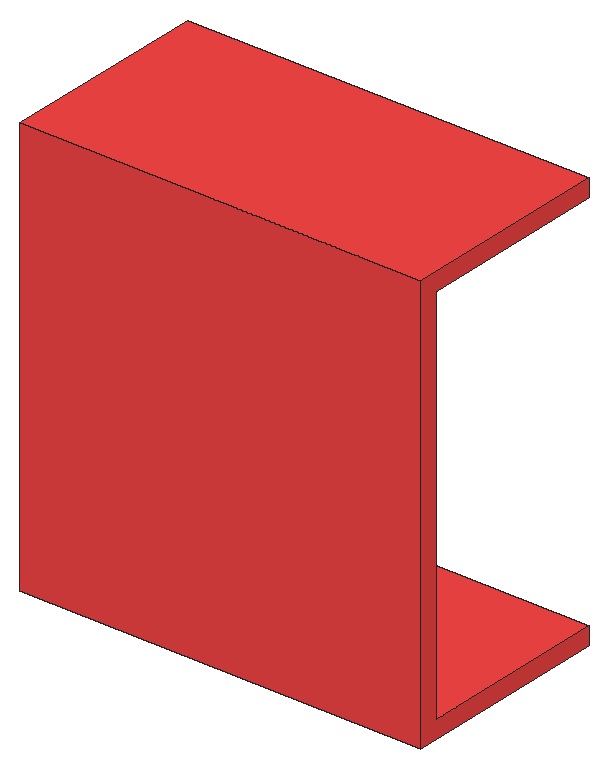
Revit family "Firestop-Putty-STI-Putty_Pads-Right_Side_of_Stud", category Specialty Equipment, host Wall, Revit 2026
Family settings
  Host = Wall
  Round Connector Dimension = Use Diameter
  Part Type = Normal
  Classification Number = 23.20.50.14
  Enable Cutting in Views = No
  Always vertical = Yes
  Cut with Voids When Loaded = No
  Maintain Annotation Orientation = No
  Shared = No
  Room Calculation Point = No
Parameters (values of type "EP23, EP24, EP44 & EP45")
  URL = "http://www.stifirestop.com/"
  Tested Systems = "http://sti.fmpdata.net/system_search.html"
  Systems  (See "Tested Systems" for addtional) = ""
  Product Page URL = "http://www.stifirestop.com/products/product-selector/ssp/"
  Product Documentation Link = "http://sti.fmpdata.net/ftp/letters/General_LEED_Letter.pdf"
  Model = "EP23, EP24, EP44 & EP45"
  Manufacturer Phone No. = "800.992.1180"
  Manufacturer Fax No. = "908.526.9623"
  Manufacturer = "Specified Technologies Inc."
  Manufacture Address = "210 Evans Way, Somerville, NJ 08876"
  MSDS = "http://files.systems.stifirestop.com/5.%20Safety%20Data%20Sheet/1.%20English/SDS_SSP%20Putty%20&%20Putty%20Pads.pdf"
  Locate Distributor = "http://www.stifirestop.com/"
  Guide Specification = "http://www.stifirestop.com/technical-library/sti-guide-specs/"
  Green Building/LEED® Information = "http://sti.fmpdata.net/ftp/letters/General_LEED_Letter.pdf"
  Firestopping Intumescent = STI-Molded-Intumescent
  Fire Rating = "Up to 2 Hr"
  Description = "SpecSeal® Series SSP Intumescent Firestop Putty"
  Default Elevation = 0' - 0"
  Contact Technical Service = "http://www.stifirestop.com/contact/"
  Contact Sales = "http://www.stifirestop.com/contact/"
  Color (Standard) = "Red"
  Box length [instance] = 0' - 4"
  Box lenght_cala [instance] = Box length  # 0' - 4"
  Box Wide_cala [instance] = Box Wide  # 0' - 4"
  Box Wide [instance] = 0' - 4"
  Box Deep_cala [instance] = Box Deep  # 0' - 2"
  Box Deep [instance] = 0' - 2"
  Assembly Code = "D4030900"
Reference planes (in)
  plane 1: y = 0
  plane 2 "Center (Left/Right)": x = 0
  plane 3 "Wall Edge": y = 3
  plane 4: z = 74.40286
  plane 5: z = 76.40286
  plane 6: z = 72.40286
  plane 7: x = -4
  plane 8: z = 72.21536
  plane 9: z = 76.59036
  plane 10: x = -4.1875
  plane 11: y = 1
  plane 12: y = 0.8125
Forms (in)
  Extrusion 1, solid, material "STI-Molded-Intumescent" <- "Firestopping Intumescent"
    sketch origin (0, 3, 0) x (1, 0, 0) y (0, 0, 1)
      loop
        line (0, 72.21536) -> (0, 72.40286) -> (-4, 72.40286) -> (-4, 72.21536) -> (0, 72.21536)
    from 0 to 2
  Extrusion 2, solid, material "STI-Molded-Intumescent" <- "Firestopping Intumescent"
    sketch origin (0, 3, 0) x (1, 0, 0) y (0, 0, 1)
      loop
        line (-4, 72.21536) -> (-4, 76.59036) -> (-4.1875, 76.59036) -> (-4.1875, 72.21536) -> (-4, 72.21536)
    from 0 to 2
  Extrusion 3, solid, material "STI-Molded-Intumescent" <- "Firestopping Intumescent"
    sketch origin (0, 3, 0) x (1, 0, 0) y (0, 0, 1)
      loop
        line (0, 76.40286) -> (0, 76.59036) -> (-4, 76.59036) -> (-4, 76.40286) -> (0, 76.40286)
    from 0 to 2
  Extrusion 4, solid, material "STI-Molded-Intumescent" <- "Firestopping Intumescent"
    sketch origin (0, 0, 0) x (0, 1, 0) y (0, 0, 1)
      loop
        line (0.8125, 72.21536) -> (1, 72.21536) -> (1, 76.59036) -> (0.8125, 76.59036) -> (0.8125, 72.21536)
    from -4.1875 to 0
Cuts and joins
  joined: Extrusion 1, Extrusion 2, Extrusion 3, Extrusion 4
Lines and regions (in)
  symbolic lines
    curve 1: line (-4, 1, 0) -> (0, 1, 0)
    curve 2: line (-4, 3, 0) -> (-4, 1, 0)
    curve 3: line (0, 3, 0) -> (-4, 3, 0)
    curve 4: line (0, 1, 0) -> (0, 3, 0)
    curve 5: line (0, 1, 0) -> (0, 0.8125, 0)
    curve 6: line (0, 0.8125, 0) -> (-4.1875, 0.8125, 0)
    curve 7: line (-4.1875, 0.8125, 0) -> (-4.1875, 3, 0)
    curve 8: line (-4.1875, 3, 0) -> (-4, 3, 0)
Text (in)
  text "Placement Side" at (0, 40.15149, 123.01588), in view "Right"
  text "Placement Side" at (-70.3804, 28.46503, 0), in view "Ref. Level"
  text "Placement Side" at (0, 81.62555, 140.59947), in view "Left"
Dimensions and locks (in)
  locked: plane 3 "Wall Edge" to host wall
  locked: plane 7 to plane 10 at 0.1875
  locked: plane 8 to plane 6 at 0.1875
  locked: plane 5 to plane 9 at 0.1875
  equal spacing: plane 6, plane 4, plane 5
  "Box length": plane 6 to plane 5
  "Box Wide": plane 2 "Center (Left/Right)" to plane 7
  locked: plane 12 to plane 11 at 0.1875
  "Box Deep": plane 11 to plane 3 "Wall Edge"
  aligned and locked: plane 8 to Extrusion 1 sketch curve
  aligned and locked: plane 2 "Center (Left/Right)" to Extrusion 1 sketch curve
  aligned and locked: plane 6 to Extrusion 1 sketch curve
  aligned and locked: Extrusion 1 sketch curve to plane 7
  aligned and locked: Extrusion 1 sketch curve to plane 8
  aligned and locked: Extrusion 1 to plane 11
  aligned and locked: host wall to Extrusion 1
  aligned and locked: Extrusion 2 sketch curve to plane 9
  aligned and locked: plane 10 to Extrusion 2 sketch curve
  aligned and locked: host wall to Extrusion 2
  aligned and locked: Extrusion 2 to Extrusion 1
  aligned and locked: Extrusion 3 sketch curve to plane 2 "Center (Left/Right)"
  aligned and locked: Extrusion 3 to plane 5
  aligned and locked: Extrusion 3 to plane 7
  aligned and locked: Extrusion 3 to plane 11
  aligned and locked: plane 9 to Extrusion 3
  aligned and locked: Extrusion 4 sketch curve to plane 8
  aligned and locked: Extrusion 4 sketch curve to plane 12
  aligned and locked: Extrusion 4 to plane 10
  aligned and locked: plane 2 "Center (Left/Right)" to Extrusion 4
  aligned and locked: plane 7 to Extrusion 2
  aligned and locked: curve 1 to cut or joined group of Extrusion 1, Extrusion 2, Extrusion 3, Extrusion 4
  aligned and locked: curve 2 to cut or joined group of Extrusion 1, Extrusion 2, Extrusion 3, Extrusion 4
  aligned and locked: curve 3 to cut or joined group of Extrusion 1, Extrusion 2, Extrusion 3, Extrusion 4
  aligned and locked: cut or joined group of Extrusion 1, Extrusion 2, Extrusion 3, Extrusion 4 to curve 4
  aligned and locked: plane 11 to curve 5
  aligned and locked: curve 6 to cut or joined group of Extrusion 1, Extrusion 2, Extrusion 3, Extrusion 4
  aligned and locked: curve 7 to cut or joined group of Extrusion 1, Extrusion 2, Extrusion 3, Extrusion 4
  aligned and locked: curve 8 to cut or joined group of Extrusion 1, Extrusion 2, Extrusion 3, Extrusion 4
Automatic sketch dimensions
  Extrusion 3 sketch curve to plane 5 = 0' - 0"
  plane 9 to Extrusion 3 sketch curve = 0' - 0"
  plane 7 to Extrusion 3 sketch curve = 0' - 0"
  Extrusion 4 sketch curve to plane 9 = 0' - 0"
  Extrusion 4 sketch curve to plane 11 = 0' - 0"
  plane 7 to Extrusion 2 sketch curve = 0' - 0"
  Extrusion 2 sketch curve to plane 8 = 0' - 0"
